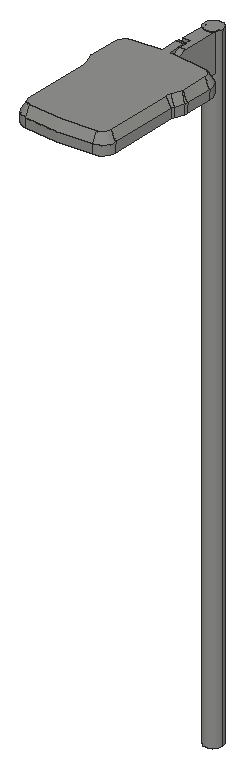
Revit family "VP-4-AA_U", category Lighting Fixtures, host Face, Revit 2019 (continued)
Definition of nested family "SIZE4-AAU"
  Forms (in)
    Extrusion 49, solid, material <- "Glass"
      sketch origin (0.375, 0, -11.375) x (1, 0, 0) y (0, 0, 1)
        loop
          circle (-5.4033, 32.33694) r 0.15
        loop
          circle (-4.88455, 32.33694) r 0.15
        loop
          circle (-4.3658, 32.33694) r 0.15
        loop
          circle (-3.84705, 32.33694) r 0.15
        loop
          circle (-3.32831, 32.33694) r 0.15
        loop
          circle (-7.47829, 31.83694) r 0.15
        loop
          circle (-6.95955, 31.83694) r 0.15
        loop
          circle (-6.4408, 31.83694) r 0.15
        loop
          circle (-5.92205, 31.83694) r 0.15
        loop
          circle (-5.4033, 31.83694) r 0.15
        loop
          circle (-4.88455, 31.83694) r 0.15
        loop
          circle (-4.3658, 31.83694) r 0.15
        loop
          circle (-3.84705, 31.83694) r 0.15
        loop
          circle (-3.32831, 31.83694) r 0.15
        loop
          circle (-7.47829, 31.33694) r 0.15
        loop
          circle (-6.95955, 31.33694) r 0.15
        loop
          circle (-6.4408, 31.33694) r 0.15
        loop
          circle (-5.92205, 31.33694) r 0.15
        loop
          circle (-5.4033, 31.33694) r 0.15
        loop
          circle (-4.88455, 31.33694) r 0.15
        loop
          circle (-4.3658, 31.33694) r 0.15
        loop
          circle (-3.84705, 31.33694) r 0.15
        loop
          circle (-3.32831, 31.33694) r 0.15
        loop
          circle (-7.47829, 30.83694) r 0.15
        loop
          circle (-6.95955, 30.83694) r 0.15
        loop
          circle (-6.4408, 30.83694) r 0.15
        loop
          circle (-5.92205, 30.83694) r 0.15
        loop
          circle (-5.4033, 30.83694) r 0.15
        loop
          circle (-4.88455, 30.83694) r 0.15
        loop
          circle (-4.3658, 30.83694) r 0.15
        loop
          circle (-3.84705, 30.83694) r 0.15
        loop
          circle (-3.32831, 30.83694) r 0.15
        loop
          circle (-7.47829, 30.33694) r 0.15
        loop
          circle (-6.95955, 30.33694) r 0.15
        loop
          circle (-6.4408, 30.33694) r 0.15
        loop
          circle (-5.92205, 30.33694) r 0.15
        loop
          circle (-5.4033, 30.33694) r 0.15
        loop
          circle (-4.88455, 30.33694) r 0.15
        loop
          circle (-4.3658, 30.33694) r 0.15
        loop
          circle (-3.84705, 30.33694) r 0.15
        loop
          circle (-3.32831, 30.33694) r 0.15
        loop
          circle (-7.47829, 29.83694) r 0.15
        loop
          circle (-6.95955, 29.83694) r 0.15
        loop
          circle (-6.4408, 29.83694) r 0.15
        loop
          circle (-5.92205, 29.83694) r 0.15
        loop
          circle (-5.4033, 29.83694) r 0.15
        loop
          circle (-4.88455, 29.83694) r 0.15
        loop
          circle (-4.3658, 29.83694) r 0.15
        loop
          circle (-3.84705, 29.83694) r 0.15
        loop
          circle (-3.32831, 29.83694) r 0.15
        loop
          circle (-7.47829, 29.33694) r 0.15
        loop
          circle (-6.95955, 29.33694) r 0.15
        loop
          circle (-6.4408, 29.33694) r 0.15
        loop
          circle (-5.92205, 29.33694) r 0.15
        loop
          circle (-5.4033, 29.33694) r 0.15
        loop
          circle (-4.88455, 29.33694) r 0.15
        loop
          circle (-4.3658, 29.33694) r 0.15
        loop
          circle (-3.84705, 29.33694) r 0.15
        loop
          circle (-3.32831, 29.33694) r 0.15
        loop
          circle (-7.47829, 28.83694) r 0.15
        loop
          circle (-6.95955, 28.83694) r 0.15
        loop
          circle (-6.4408, 28.83694) r 0.15
        loop
          circle (-5.92205, 28.83694) r 0.15
        loop
          circle (-5.4033, 28.83694) r 0.15
        loop
          circle (-4.88455, 28.83694) r 0.15
        loop
          circle (-4.3658, 28.83694) r 0.15
        loop
          circle (-3.84705, 28.83694) r 0.15
        loop
          circle (-3.32831, 28.83694) r 0.15
        loop
          circle (-7.47829, 28.33694) r 0.15
        loop
          circle (-6.95955, 28.33694) r 0.15
        loop
          circle (-6.4408, 28.33694) r 0.15
        loop
          circle (-5.92205, 28.33694) r 0.15
        loop
          circle (-5.4033, 28.33694) r 0.15
        loop
          circle (-4.88455, 28.33694) r 0.15
        loop
          circle (-4.3658, 28.33694) r 0.15
        loop
          circle (-3.84705, 28.33694) r 0.15
        loop
          circle (-3.32831, 28.33694) r 0.15
      from 1.35 to 1.4
    Extrusion 50, solid, material <- "Glass"
      sketch origin (0, 0, -11.375) x (1, 0, 0) y (0, 0, 1)
        loop
          arc (-7.16655, 32.8409) -> (-7.34333, 32.76768) -> (-7.41655, 32.5909) r 0.25
          line (-7.41655, 32.5909) -> (-7.41655, 28.0909)
          arc (-7.41655, 28.0909) -> (-7.34333, 27.91412) -> (-7.16655, 27.8409) r 0.25
          line (-7.16655, 27.8409) -> (-2.81123, 27.8409)
          arc (-2.81123, 27.8409) -> (-2.63446, 27.91412) -> (-2.56123, 28.0909) r 0.25
          line (-2.56123, 28.0909) -> (-2.56123, 32.5909)
          arc (-2.56123, 32.5909) -> (-2.63446, 32.76768) -> (-2.81123, 32.8409) r 0.25
          line (-2.81123, 32.8409) -> (-7.16655, 32.8409)
      from 1.35 to 1.37213
    Extrusion 51, solid, material <- "Glass"
      sketch origin (-0.375, 0, -11.375) x (-1, 0, 0) y (0, 0, -1)
        loop
          circle (-7.47829, -32.33694) r 0.15
        loop
          circle (-6.95955, -32.33694) r 0.15
        loop
          circle (-6.4408, -32.33694) r 0.15
        loop
          circle (-5.92205, -32.33694) r 0.15
        loop
          circle (-5.4033, -32.33694) r 0.15
        loop
          circle (-4.88455, -32.33694) r 0.15
        loop
          circle (-4.3658, -32.33694) r 0.15
        loop
          circle (-3.84705, -32.33694) r 0.15
        loop
          circle (-3.32831, -32.33694) r 0.15
        loop
          circle (-7.47829, -31.83694) r 0.15
        loop
          circle (-6.95955, -31.83694) r 0.15
        loop
          circle (-6.4408, -31.83694) r 0.15
        loop
          circle (-5.92205, -31.83694) r 0.15
        loop
          circle (-5.4033, -31.83694) r 0.15
        loop
          circle (-4.88455, -31.83694) r 0.15
        loop
          circle (-4.3658, -31.83694) r 0.15
        loop
          circle (-3.84705, -31.83694) r 0.15
        loop
          circle (-3.32831, -31.83694) r 0.15
        loop
          circle (-7.47829, -31.33694) r 0.15
        loop
          circle (-6.95955, -31.33694) r 0.15
        loop
          circle (-6.4408, -31.33694) r 0.15
        loop
          circle (-5.92205, -31.33694) r 0.15
        loop
          circle (-5.4033, -31.33694) r 0.15
        loop
          circle (-4.88455, -31.33694) r 0.15
        loop
          circle (-4.3658, -31.33694) r 0.15
        loop
          circle (-3.84705, -31.33694) r 0.15
        loop
          circle (-3.32831, -31.33694) r 0.15
        loop
          circle (-7.47829, -30.83694) r 0.15
        loop
          circle (-6.95955, -30.83694) r 0.15
        loop
          circle (-6.4408, -30.83694) r 0.15
        loop
          circle (-5.92205, -30.83694) r 0.15
        loop
          circle (-5.4033, -30.83694) r 0.15
        loop
          circle (-4.88455, -30.83694) r 0.15
        loop
          circle (-4.3658, -30.83694) r 0.15
        loop
          circle (-3.84705, -30.83694) r 0.15
        loop
          circle (-3.32831, -30.83694) r 0.15
        loop
          circle (-7.47829, -30.33694) r 0.15
        loop
          circle (-6.95955, -30.33694) r 0.15
        loop
          circle (-6.4408, -30.33694) r 0.15
        loop
          circle (-5.92205, -30.33694) r 0.15
        loop
          circle (-5.4033, -30.33694) r 0.15
        loop
          circle (-4.88455, -30.33694) r 0.15
        loop
          circle (-4.3658, -30.33694) r 0.15
        loop
          circle (-3.84705, -30.33694) r 0.15
        loop
          circle (-3.32831, -30.33694) r 0.15
        loop
          circle (-7.47829, -29.83694) r 0.15
        loop
          circle (-6.95955, -29.83694) r 0.15
        loop
          circle (-6.4408, -29.83694) r 0.15
        loop
          circle (-5.92205, -29.83694) r 0.15
        loop
          circle (-5.4033, -29.83694) r 0.15
        loop
          circle (-4.88455, -29.83694) r 0.15
        loop
          circle (-4.3658, -29.83694) r 0.15
        loop
          circle (-3.84705, -29.83694) r 0.15
        loop
          circle (-3.32831, -29.83694) r 0.15
        loop
          circle (-7.47829, -29.33694) r 0.15
        loop
          circle (-6.95955, -29.33694) r 0.15
        loop
          circle (-6.4408, -29.33694) r 0.15
        loop
          circle (-5.92205, -29.33694) r 0.15
        loop
          circle (-5.4033, -29.33694) r 0.15
        loop
          circle (-4.88455, -29.33694) r 0.15
        loop
          circle (-4.3658, -29.33694) r 0.15
        loop
          circle (-3.84705, -29.33694) r 0.15
        loop
          circle (-3.32831, -29.33694) r 0.15
        loop
          circle (-7.47829, -28.83694) r 0.15
        loop
          circle (-6.95955, -28.83694) r 0.15
        loop
          circle (-6.4408, -28.83694) r 0.15
        loop
          circle (-5.92205, -28.83694) r 0.15
        loop
          circle (-5.4033, -28.83694) r 0.15
        loop
          circle (-4.88455, -28.83694) r 0.15
        loop
          circle (-4.3658, -28.83694) r 0.15
        loop
          circle (-3.84705, -28.83694) r 0.15
        loop
          circle (-3.32831, -28.83694) r 0.15
        loop
          circle (-7.47829, -28.33694) r 0.15
        loop
          circle (-6.95955, -28.33694) r 0.15
        loop
          circle (-6.4408, -28.33694) r 0.15
        loop
          circle (-5.92205, -28.33694) r 0.15
        loop
          circle (-5.4033, -28.33694) r 0.15
        loop
          circle (-4.88455, -28.33694) r 0.15
        loop
          circle (-4.3658, -28.33694) r 0.15
        loop
          circle (-3.84705, -28.33694) r 0.15
        loop
          circle (-3.32831, -28.33694) r 0.15
      from 1.35 to 1.4
    Extrusion 52, solid, material <- "Glass"
      sketch origin (0, 0, -11.375) x (-1, 0, 0) y (0, 0, -1)
        loop
          line (-7.16655, -32.8409) -> (-2.84181, -32.8409)
          arc (-2.84181, -32.8409) -> (-2.66504, -32.76768) -> (-2.59181, -32.5909) r 0.25
          line (-2.59181, -32.5909) -> (-2.59181, -28.0909)
          arc (-2.59181, -28.0909) -> (-2.66504, -27.91412) -> (-2.84181, -27.8409) r 0.25
          line (-2.84181, -27.8409) -> (-7.16655, -27.8409)
          arc (-7.16655, -27.8409) -> (-7.34333, -27.91412) -> (-7.41655, -28.0909) r 0.25
          line (-7.41655, -28.0909) -> (-7.41655, -32.5909)
          arc (-7.41655, -32.5909) -> (-7.34333, -32.76768) -> (-7.16655, -32.8409) r 0.25
      from 1.35 to 1.37213
    Extrusion 53, solid, material <- "Glass"
      sketch origin (-5.375, 0, -11.375) x (-1, 0, 0) y (0, 0, -1)
        loop
          circle (-7.47829, -32.33694) r 0.15
        loop
          circle (-6.95955, -32.33694) r 0.15
        loop
          circle (-6.4408, -32.33694) r 0.15
        loop
          circle (-5.92205, -32.33694) r 0.15
        loop
          circle (-5.4033, -32.33694) r 0.15
        loop
          circle (-4.88455, -32.33694) r 0.15
        loop
          circle (-4.3658, -32.33694) r 0.15
        loop
          circle (-3.84705, -32.33694) r 0.15
        loop
          circle (-3.32831, -32.33694) r 0.15
        loop
          circle (-7.47829, -31.83694) r 0.15
        loop
          circle (-6.95955, -31.83694) r 0.15
        loop
          circle (-6.4408, -31.83694) r 0.15
        loop
          circle (-5.92205, -31.83694) r 0.15
        loop
          circle (-5.4033, -31.83694) r 0.15
        loop
          circle (-4.88455, -31.83694) r 0.15
        loop
          circle (-4.3658, -31.83694) r 0.15
        loop
          circle (-3.84705, -31.83694) r 0.15
        loop
          circle (-3.32831, -31.83694) r 0.15
        loop
          circle (-7.47829, -31.33694) r 0.15
        loop
          circle (-6.95955, -31.33694) r 0.15
        loop
          circle (-6.4408, -31.33694) r 0.15
        loop
          circle (-5.92205, -31.33694) r 0.15
        loop
          circle (-5.4033, -31.33694) r 0.15
        loop
          circle (-4.88455, -31.33694) r 0.15
        loop
          circle (-4.3658, -31.33694) r 0.15
        loop
          circle (-3.84705, -31.33694) r 0.15
        loop
          circle (-3.32831, -31.33694) r 0.15
        loop
          circle (-7.47829, -30.83694) r 0.15
        loop
          circle (-6.95955, -30.83694) r 0.15
        loop
          circle (-6.4408, -30.83694) r 0.15
        loop
          circle (-5.92205, -30.83694) r 0.15
        loop
          circle (-5.4033, -30.83694) r 0.15
        loop
          circle (-4.88455, -30.83694) r 0.15
        loop
          circle (-4.3658, -30.83694) r 0.15
        loop
          circle (-3.84705, -30.83694) r 0.15
        loop
          circle (-3.32831, -30.83694) r 0.15
        loop
          circle (-7.47829, -30.33694) r 0.15
        loop
          circle (-6.95955, -30.33694) r 0.15
        loop
          circle (-6.4408, -30.33694) r 0.15
        loop
          circle (-5.92205, -30.33694) r 0.15
        loop
          circle (-5.4033, -30.33694) r 0.15
        loop
          circle (-4.88455, -30.33694) r 0.15
        loop
          circle (-4.3658, -30.33694) r 0.15
        loop
          circle (-3.84705, -30.33694) r 0.15
        loop
          circle (-3.32831, -30.33694) r 0.15
        loop
          circle (-7.47829, -29.83694) r 0.15
        loop
          circle (-6.95955, -29.83694) r 0.15
        loop
          circle (-6.4408, -29.83694) r 0.15
        loop
          circle (-5.92205, -29.83694) r 0.15
        loop
          circle (-5.4033, -29.83694) r 0.15
        loop
          circle (-4.88455, -29.83694) r 0.15
        loop
          circle (-4.3658, -29.83694) r 0.15
        loop
          circle (-3.84705, -29.83694) r 0.15
        loop
          circle (-3.32831, -29.83694) r 0.15
        loop
          circle (-7.47829, -29.33694) r 0.15
        loop
          circle (-6.95955, -29.33694) r 0.15
        loop
          circle (-6.4408, -29.33694) r 0.15
        loop
          circle (-5.92205, -29.33694) r 0.15
        loop
          circle (-5.4033, -29.33694) r 0.15
        loop
          circle (-4.88455, -29.33694) r 0.15
        loop
          circle (-4.3658, -29.33694) r 0.15
        loop
          circle (-3.84705, -29.33694) r 0.15
        loop
          circle (-3.32831, -29.33694) r 0.15
        loop
          circle (-7.47829, -28.83694) r 0.15
        loop
          circle (-6.95955, -28.83694) r 0.15
        loop
          circle (-6.4408, -28.83694) r 0.15
        loop
          circle (-5.92205, -28.83694) r 0.15
        loop
          circle (-5.4033, -28.83694) r 0.15
        loop
          circle (-4.88455, -28.83694) r 0.15
        loop
          circle (-4.3658, -28.83694) r 0.15
        loop
          circle (-3.84705, -28.83694) r 0.15
        loop
          circle (-3.32831, -28.83694) r 0.15
        loop
          circle (-7.47829, -28.33694) r 0.15
        loop
          circle (-6.95955, -28.33694) r 0.15
        loop
          circle (-6.4408, -28.33694) r 0.15
        loop
          circle (-5.92205, -28.33694) r 0.15
        loop
          circle (-5.4033, -28.33694) r 0.15
        loop
          circle (-4.88455, -28.33694) r 0.15
        loop
          circle (-4.3658, -28.33694) r 0.15
        loop
          circle (-3.84705, -28.33694) r 0.15
        loop
          circle (-3.32831, -28.33694) r 0.15
      from 1.35 to 1.4
    Extrusion 54, solid, material <- "Glass"
      sketch origin (-5, 0, -11.375) x (-1, 0, 0) y (0, 0, -1)
        loop
          line (-7.16655, -32.8409) -> (-2.84181, -32.8409)
          arc (-2.84181, -32.8409) -> (-2.66504, -32.76768) -> (-2.59181, -32.5909) r 0.25
          line (-2.59181, -32.5909) -> (-2.59181, -28.0909)
          arc (-2.59181, -28.0909) -> (-2.66504, -27.91412) -> (-2.84181, -27.8409) r 0.25
          line (-2.84181, -27.8409) -> (-7.16655, -27.8409)
          arc (-7.16655, -27.8409) -> (-7.34333, -27.91412) -> (-7.41655, -28.0909) r 0.25
          line (-7.41655, -28.0909) -> (-7.41655, -32.5909)
          arc (-7.41655, -32.5909) -> (-7.34333, -32.76768) -> (-7.16655, -32.8409) r 0.25
      from 1.35 to 1.37213
    Extrusion 55, solid, material <- "Fixture"
      sketch origin (0.125, 0, 2.5) x (1, 0, 0) y (0, 0, 1)
        loop
          arc (8.61601, 29.87811) -> (7.91353, 31.61742) -> (6.20018, 32.38102) r 2.50448
          arc (6.20018, 32.38102) -> (-0.18326, 32.81078) -> (-6.56625, 32.37421) r 47.24839
          arc (-6.56625, 32.37421) -> (-8.20342, 31.57512) -> (-8.86601, 29.87811) r 2.50448
          line (-8.86601, 29.87811) -> (-8.86601, 16.83541)
          arc (-8.86601, 16.83541) -> (-8.89448, 16.52871) -> (-8.97892, 16.2325) r 1.66606
          line (-8.97892, 16.2325) -> (-9.6766, 14.43524)
          arc (-9.6766, 14.43524) -> (-9.74427, 14.21755) -> (-9.78142, 13.99263) r 1.65645
          line (-9.78142, 13.99263) -> (-9.78142, 8.65741)
          arc (-9.78142, 8.65741) -> (-8.97209, 6.60779) -> (-6.98078, 5.66404) r 3
          arc (-6.98078, 5.66404) -> (0.01001, 4.99965) -> (7.00057, 5.66642) r 37.04471
          arc (7.00057, 5.66642) -> (8.81758, 6.67941) -> (9.53886, 8.63067) r 3
          line (9.53886, 8.63067) -> (9.53886, 13.83581)
          arc (9.53886, 13.83581) -> (9.51055, 14.14073) -> (9.4266, 14.43524) r 1.65645
          line (9.4266, 14.43524) -> (8.72892, 16.2325)
          arc (8.72892, 16.2325) -> (8.64448, 16.52871) -> (8.61601, 16.83541) r 1.66606
          line (8.61601, 16.83541) -> (8.61601, 29.87811)
      from 0 to 1.74
    Blend 56, solid, material <- "Fixture"
      base sketch origin (0, 0, 0) x (1, 0, 0) y (0, 0, 1)
        loop
          arc (-9.5516, 16.93524) -> (-9.61927, 16.71755) -> (-9.65642, 16.49263) r 1.65645
          line (-9.65642, 16.49263) -> (-9.65642, 11.15741)
          arc (-9.65642, 11.15741) -> (-8.84709, 9.10779) -> (-6.85578, 8.16404) r 3
          arc (-6.85578, 8.16404) -> (0.13501, 7.49965) -> (7.12557, 8.16642) r 37.04471
          arc (7.12557, 8.16642) -> (8.94258, 9.17941) -> (9.66386, 11.13067) r 3
          line (9.66386, 11.13067) -> (9.66386, 16.33581)
          arc (9.66386, 16.33581) -> (9.63555, 16.64073) -> (9.5516, 16.93524) r 1.65645
          line (9.5516, 16.93524) -> (8.85392, 18.7325)
          arc (8.85392, 18.7325) -> (8.76948, 19.02871) -> (8.74101, 19.33541) r 1.66606
          line (8.74101, 19.33541) -> (8.74101, 32.37811)
          arc (8.74101, 32.37811) -> (8.03853, 34.11742) -> (6.32518, 34.88102) r 2.50448
          arc (6.32518, 34.88102) -> (-0.05826, 35.31078) -> (-6.44125, 34.87421) r 47.24839
          arc (-6.44125, 34.87421) -> (-8.07842, 34.07512) -> (-8.74101, 32.37811) r 2.50448
          line (-8.74101, 32.37811) -> (-8.74101, 19.33541)
          arc (-8.74101, 19.33541) -> (-8.76948, 19.02871) -> (-8.85392, 18.7325) r 1.66606
          line (-8.85392, 18.7325) -> (-9.5516, 16.93524)
      top sketch origin (0, 0, 0) x (1, 0, 0) y (0, 0, 1)
        loop
          line (-8.65642, 16.43436) -> (-8.65642, 11.15741)
          arc (-8.65642, 11.15741) -> (-8.09764, 9.77073) -> (-6.73353, 9.1589) r 2
          arc (-6.73353, 9.1589) -> (0.1108, 8.49965) -> (6.95577, 9.15209) r 36.04471
          arc (6.95577, 9.15209) -> (8.17777, 9.82373) -> (8.66386, 11.13067) r 2
          line (8.66386, 11.13067) -> (8.66386, 16.33581)
          arc (8.66386, 16.33581) -> (8.65264, 16.45665) -> (8.61937, 16.57336) r 0.65645
          line (8.61937, 16.57336) -> (7.9217, 18.37062)
          arc (7.9217, 18.37062) -> (7.78657, 18.84463) -> (7.74101, 19.33541) r 2.66606
          line (7.74101, 19.33541) -> (7.74101, 32.37811)
          arc (7.74101, 32.37811) -> (7.3037, 33.43858) -> (6.246, 33.88256) r 1.50448
          arc (6.246, 33.88256) -> (-0.04498, 34.31079) -> (-6.33575, 33.87932) r 46.24839
          arc (-6.33575, 33.87932) -> (-7.33487, 33.40626) -> (-7.74101, 32.37811) r 1.50448
          line (-7.74101, 32.37811) -> (-7.74101, 19.33541)
          arc (-7.74101, 19.33541) -> (-7.78657, 18.84463) -> (-7.9217, 18.37062) r 2.66606
          line (-7.9217, 18.37062) -> (-8.61937, 16.57336)
          arc (-8.61937, 16.57336) -> (-8.64172, 16.50488) -> (-8.65642, 16.43436) r 0.65645
      from 0 to -1.74
    Extrusion 57, solid, material <- "Fixture"
      sketch origin (0, 0, 0) x (0, 1, 0) y (0, 0, 1)
        loop
          line (1.74, -1.406) -> (1.74, 6.43918)
          arc (1.74, 6.43918) -> (0, 8.17918) -> (-1.74, 6.43918) r 1.74
          line (-1.74, 6.43918) -> (-1.74, 3.90812) -> (-5.432, 1.12478) -> (-5.432, -1.406) -> (1.74, -1.406)
      from -1.24 to 1.24
    Extrusion 58, void
      sketch origin (0, 0, 0) x (1, 0, 0) y (0, 0, 1)
        loop
          line (-1.5, 8.3) -> (-1.5, 3.90812) -> (0, 3.90812) -> (0, 8.3) -> (-1.5, 8.3)
      from -1.84653 to 1.9488
    Extrusion 59, solid, material <- "Fixture"
      sketch origin (0, 0, 0) x (0, 1, 0) y (0, 0, 1)
        loop
          line (1.74, 8.81429) -> (-1.74, 8.81429) -> (-1.74, 5.31429)
          arc (-1.74, 5.31429) -> (0, 3.57429) -> (1.74, 5.31429) r 1.74
          line (1.74, 5.31429) -> (1.74, 8.81429)
      from -1.5 to 0
  Cuts and joins
    Extrusion 2, Extrusion 40 cuts Extrusion 55
    Extrusion 58 cuts Extrusion 57
    joined: Blend 56, Extrusion 59
  Dimensions and locks (in)
    equal spacing: plane 4, plane 3 "Center (Left/Right)", plane 5
    "Width": plane 4 to plane 5
    "Length": plane 7 to plane 6
    "Mount Length": plane 6 to plane 2
    aligned and locked: plane 2 to Extrusion 1
    aligned and locked: level to Extrusion 1
  Automatic sketch dimensions
    Extrusion 1 sketch curve to Extrusion 1 sketch curve = 96.00"  (x2)
    plane 5 to Extrusion 2 sketch curve = 1.40392"
    plane 3 "Center (Left/Right)" to Extrusion 2 sketch curve = 0.06506"
    Extrusion 2 sketch curve to plane 4 = 1.25"
    Extrusion 2 sketch curve to level = 39.4018"
    plane 6 to Extrusion 2 sketch curve = 7.65635"
    Extrusion 2 sketch curve to plane 7 = 2.31818"
    plane 5 to Extrusion 3 sketch curve = 2.15013"
    Extrusion 3 sketch curve to Extrusion 3 sketch curve = 0.35"  (x3)
    Extrusion 3 sketch curve to plane 4 = 2.50013"  (x2)
    Extrusion 3 sketch curve to plane 7 = 8.31818"
    Extrusion 3 sketch curve to plane 7 = 3.16818"
    plane 5 to Extrusion 4 sketch curve = 2.70671"
    Extrusion 4 sketch curve to Extrusion 4 sketch curve = 0.00"  (x61)
    Extrusion 4 sketch curve to Extrusion 4 sketch curve = 0.51875"  (x27)
    Extrusion 4 sketch curve to plane 7 = 7.51806"
    Extrusion 4 sketch curve to Extrusion 4 sketch curve = 0.50"  (x72)
    plane 5 to Extrusion 5 sketch curve = 2.39345"
    Extrusion 5 sketch curve to Extrusion 5 sketch curve = 0.25"  (x3)
    Extrusion 5 sketch curve to plane 3 "Center (Left/Right)" = 2.81123"  (x2)
    Extrusion 5 sketch curve to plane 7 = 8.0141"
    Extrusion 5 sketch curve to plane 7 = 3.2641"
    Extrusion 6 sketch curve to plane 4 = 2.12307"
    Extrusion 6 sketch curve to plane 8 = 0.46661"
    Extrusion 6 sketch curve to Extrusion 6 sketch curve = 0.02618"
    Extrusion 6 sketch curve to Extrusion 6 sketch curve = 0.1119"
    Extrusion 6 sketch curve to plane 8 = 0.03691"
    Extrusion 6 sketch curve to Extrusion 6 sketch curve = 0.36056"
    Extrusion 6 sketch curve to plane 8 = 0.00781"
    Extrusion 6 sketch curve to Extrusion 6 sketch curve = 0.06241"
    Extrusion 6 sketch curve to Extrusion 6 sketch curve = 0.42393"
    Extrusion 6 sketch curve to Extrusion 6 sketch curve = 0.73219"
    plane 4 to Extrusion 7 sketch curve = 2.70671"
    Extrusion 7 sketch curve to Extrusion 7 sketch curve = 0.00"  (x61)
    Extrusion 7 sketch curve to Extrusion 7 sketch curve = 0.51875"  (x27)
    plane 7 to Extrusion 7 sketch curve = 7.51806"
    Extrusion 7 sketch curve to Extrusion 7 sketch curve = 0.50"  (x72)
    plane 4 to Extrusion 8 sketch curve = 2.39345"
    Extrusion 8 sketch curve to Extrusion 8 sketch curve = 0.25"  (x3)
    Extrusion 8 sketch curve to plane 3 "Center (Left/Right)" = 2.84181"  (x2)
    plane 7 to Extrusion 8 sketch curve = 8.0141"
    plane 7 to Extrusion 8 sketch curve = 3.2641"
    plane 5 to Extrusion 9 sketch curve = 2.15013"
    Extrusion 9 sketch curve to Extrusion 9 sketch curve = 0.35"  (x3)
    Extrusion 9 sketch curve to plane 4 = 2.50013"  (x2)
    Extrusion 9 sketch curve to plane 7 = 13.81818"
    Extrusion 9 sketch curve to Extrusion 9 sketch curve = 4.80"
    Extrusion 10 sketch curve to plane 5 = 2.15013"
    Extrusion 10 sketch curve to Extrusion 10 sketch curve = 0.35"  (x3)
    plane 4 to Extrusion 10 sketch curve = 2.50013"  (x2)
    plane 7 to Extrusion 10 sketch curve = 13.81818"
    Extrusion 10 sketch curve to Extrusion 10 sketch curve = 4.80"
    Extrusion 11 sketch curve to plane 4 = 2.12307"
    Extrusion 11 sketch curve to plane 8 = 0.46661"
    Extrusion 11 sketch curve to Extrusion 11 sketch curve = 0.02618"
    Extrusion 11 sketch curve to Extrusion 11 sketch curve = 0.1119"
    Extrusion 11 sketch curve to plane 8 = 0.03691"
    Extrusion 11 sketch curve to Extrusion 11 sketch curve = 0.36056"
    Extrusion 11 sketch curve to plane 8 = 0.00781"
    Extrusion 11 sketch curve to Extrusion 11 sketch curve = 0.06241"
    Extrusion 11 sketch curve to Extrusion 11 sketch curve = 0.42393"
    Extrusion 11 sketch curve to Extrusion 11 sketch curve = 0.73219"
    Extrusion 12 sketch curve to plane 4 = 2.12307"
    Extrusion 12 sketch curve to plane 8 = 0.46661"
    Extrusion 12 sketch curve to Extrusion 12 sketch curve = 0.02618"
    Extrusion 12 sketch curve to Extrusion 12 sketch curve = 0.1119"
    Extrusion 12 sketch curve to plane 8 = 0.03691"
    Extrusion 12 sketch curve to Extrusion 12 sketch curve = 0.36056"
    Extrusion 12 sketch curve to plane 8 = 0.00781"
    Extrusion 12 sketch curve to Extrusion 12 sketch curve = 0.06241"
    Extrusion 12 sketch curve to Extrusion 12 sketch curve = 0.42393"
    Extrusion 12 sketch curve to Extrusion 12 sketch curve = 0.73219"
    Extrusion 13 sketch curve to plane 4 = 2.12307"
    Extrusion 13 sketch curve to plane 8 = 0.46661"
    Extrusion 13 sketch curve to Extrusion 13 sketch curve = 0.02618"
    Extrusion 13 sketch curve to Extrusion 13 sketch curve = 0.08572"
    Extrusion 13 sketch curve to plane 8 = 0.03691"
    Extrusion 13 sketch curve to Extrusion 13 sketch curve = 0.36056"
    Extrusion 13 sketch curve to plane 8 = 0.00781"
    Extrusion 13 sketch curve to Extrusion 13 sketch curve = 0.06241"
    Extrusion 13 sketch curve to Extrusion 13 sketch curve = 0.42393"
    Extrusion 13 sketch curve to Extrusion 13 sketch curve = 0.73219"
    Extrusion 14 sketch curve to plane 4 = 2.12307"
    Extrusion 14 sketch curve to plane 8 = 0.46661"
    Extrusion 14 sketch curve to Extrusion 14 sketch curve = 0.02618"
    Extrusion 14 sketch curve to Extrusion 14 sketch curve = 0.1119"
    Extrusion 14 sketch curve to plane 8 = 0.03691"
    Extrusion 14 sketch curve to Extrusion 14 sketch curve = 0.36056"
    Extrusion 14 sketch curve to plane 8 = 0.00781"
    Extrusion 14 sketch curve to Extrusion 14 sketch curve = 0.06241"
    Extrusion 14 sketch curve to Extrusion 14 sketch curve = 0.42393"
    Extrusion 14 sketch curve to Extrusion 14 sketch curve = 0.73219"
    Extrusion 15 sketch curve to plane 4 = 2.12307"
    Extrusion 15 sketch curve to plane 8 = 0.46661"
    Extrusion 15 sketch curve to Extrusion 15 sketch curve = 0.02618"
    Extrusion 15 sketch curve to Extrusion 15 sketch curve = 0.1119"
    Extrusion 15 sketch curve to plane 8 = 0.03691"
    Extrusion 15 sketch curve to Extrusion 15 sketch curve = 0.36056"
    Extrusion 15 sketch curve to plane 8 = 0.00781"
    Extrusion 15 sketch curve to Extrusion 15 sketch curve = 0.06241"
    Extrusion 15 sketch curve to Extrusion 15 sketch curve = 0.42393"
    Extrusion 15 sketch curve to Extrusion 15 sketch curve = 0.73219"
    Extrusion 16 sketch curve to plane 4 = 2.12307"
    Extrusion 16 sketch curve to plane 8 = 0.46661"
    Extrusion 16 sketch curve to Extrusion 16 sketch curve = 0.02618"
    Extrusion 16 sketch curve to Extrusion 16 sketch curve = 0.1119"
    Extrusion 16 sketch curve to plane 8 = 0.03691"
    Extrusion 16 sketch curve to Extrusion 16 sketch curve = 0.36056"
    Extrusion 16 sketch curve to plane 8 = 0.00781"
    Extrusion 16 sketch curve to Extrusion 16 sketch curve = 0.06241"
    Extrusion 16 sketch curve to Extrusion 16 sketch curve = 0.42393"
    Extrusion 16 sketch curve to Extrusion 16 sketch curve = 0.73219"
    Extrusion 17 sketch curve to plane 4 = 2.12307"
    Extrusion 17 sketch curve to plane 8 = 0.46661"
    Extrusion 17 sketch curve to Extrusion 17 sketch curve = 0.02618"
    Extrusion 17 sketch curve to Extrusion 17 sketch curve = 0.1119"
    Extrusion 17 sketch curve to plane 8 = 0.03691"
    Extrusion 17 sketch curve to Extrusion 17 sketch curve = 0.36056"
    Extrusion 17 sketch curve to plane 8 = 0.00781"
    Extrusion 17 sketch curve to Extrusion 17 sketch curve = 0.06241"
    Extrusion 17 sketch curve to Extrusion 17 sketch curve = 0.42393"
    Extrusion 17 sketch curve to Extrusion 17 sketch curve = 0.73219"
    Extrusion 18 sketch curve to plane 4 = 2.12307"
    Extrusion 18 sketch curve to plane 8 = 0.46661"
    Extrusion 18 sketch curve to Extrusion 18 sketch curve = 0.02618"
    Extrusion 18 sketch curve to Extrusion 18 sketch curve = 0.1119"
    Extrusion 18 sketch curve to plane 8 = 0.03691"
    Extrusion 18 sketch curve to Extrusion 18 sketch curve = 0.36056"
    Extrusion 18 sketch curve to plane 8 = 0.00781"
    Extrusion 18 sketch curve to Extrusion 18 sketch curve = 0.06241"
    Extrusion 18 sketch curve to Extrusion 18 sketch curve = 0.42393"
    Extrusion 18 sketch curve to Extrusion 18 sketch curve = 0.73219"
    Extrusion 19 sketch curve to plane 4 = 2.12307"
    Extrusion 19 sketch curve to plane 8 = 0.46661"
    Extrusion 19 sketch curve to Extrusion 19 sketch curve = 0.02618"
    Extrusion 19 sketch curve to Extrusion 19 sketch curve = 0.1119"
    Extrusion 19 sketch curve to plane 8 = 0.03691"
    Extrusion 19 sketch curve to Extrusion 19 sketch curve = 0.36056"
    Extrusion 19 sketch curve to plane 8 = 0.00781"
    Extrusion 19 sketch curve to Extrusion 19 sketch curve = 0.06241"
    Extrusion 19 sketch curve to Extrusion 19 sketch curve = 0.42393"
    Extrusion 19 sketch curve to Extrusion 19 sketch curve = 0.73219"
    Extrusion 20 sketch curve to plane 4 = 2.12307"
    Extrusion 20 sketch curve to plane 8 = 0.46661"
    Extrusion 20 sketch curve to Extrusion 20 sketch curve = 0.02618"
    Extrusion 20 sketch curve to Extrusion 20 sketch curve = 0.1119"
    Extrusion 20 sketch curve to plane 8 = 0.03691"
    Extrusion 20 sketch curve to Extrusion 20 sketch curve = 0.36056"
    Extrusion 20 sketch curve to plane 8 = 0.00781"
    Extrusion 20 sketch curve to Extrusion 20 sketch curve = 0.06241"
    Extrusion 20 sketch curve to Extrusion 20 sketch curve = 0.42393"
    Extrusion 20 sketch curve to Extrusion 20 sketch curve = 0.73219"
    Extrusion 21 sketch curve to plane 4 = 2.12307"
    Extrusion 21 sketch curve to plane 8 = 0.46661"
    Extrusion 21 sketch curve to Extrusion 21 sketch curve = 0.02618"
    Extrusion 21 sketch curve to Extrusion 21 sketch curve = 0.08572"
    Extrusion 21 sketch curve to plane 8 = 0.03691"
    Extrusion 21 sketch curve to Extrusion 21 sketch curve = 0.36056"
    Extrusion 21 sketch curve to plane 8 = 0.00781"
    Extrusion 21 sketch curve to Extrusion 21 sketch curve = 0.06241"
    Extrusion 21 sketch curve to Extrusion 21 sketch curve = 0.42393"
    Extrusion 21 sketch curve to Extrusion 21 sketch curve = 0.73219"
    Extrusion 22 sketch curve to plane 4 = 2.12307"
    Extrusion 22 sketch curve to plane 8 = 0.46661"
    Extrusion 22 sketch curve to Extrusion 22 sketch curve = 0.02618"
    Extrusion 22 sketch curve to Extrusion 22 sketch curve = 0.1119"
    Extrusion 22 sketch curve to plane 8 = 0.03691"
    Extrusion 22 sketch curve to Extrusion 22 sketch curve = 0.36056"
    Extrusion 22 sketch curve to plane 8 = 0.00781"
    Extrusion 22 sketch curve to Extrusion 22 sketch curve = 0.06241"
    Extrusion 22 sketch curve to Extrusion 22 sketch curve = 0.42393"
    Extrusion 22 sketch curve to Extrusion 22 sketch curve = 0.73219"
    Extrusion 23 sketch curve to plane 4 = 2.12307"
    Extrusion 23 sketch curve to plane 8 = 0.46661"
    Extrusion 23 sketch curve to Extrusion 23 sketch curve = 0.02618"
    Extrusion 23 sketch curve to Extrusion 23 sketch curve = 0.08572"
    Extrusion 23 sketch curve to plane 8 = 0.03691"
    Extrusion 23 sketch curve to Extrusion 23 sketch curve = 0.36056"
    Extrusion 23 sketch curve to plane 8 = 0.00781"
    Extrusion 23 sketch curve to Extrusion 23 sketch curve = 0.06241"
    Extrusion 23 sketch curve to Extrusion 23 sketch curve = 0.42393"
    Extrusion 23 sketch curve to Extrusion 23 sketch curve = 0.73219"
    Extrusion 24 sketch curve to plane 4 = 2.12307"
    Extrusion 24 sketch curve to plane 8 = 0.46661"
    Extrusion 24 sketch curve to Extrusion 24 sketch curve = 0.02618"
    Extrusion 24 sketch curve to Extrusion 24 sketch curve = 0.1119"
    Extrusion 24 sketch curve to plane 8 = 0.03691"
    Extrusion 24 sketch curve to Extrusion 24 sketch curve = 0.36056"
    Extrusion 24 sketch curve to plane 8 = 0.00781"
    Extrusion 24 sketch curve to Extrusion 24 sketch curve = 0.06241"
    Extrusion 24 sketch curve to Extrusion 24 sketch curve = 0.42393"
    Extrusion 24 sketch curve to Extrusion 24 sketch curve = 0.73219"
    plane 5 to Extrusion 25 sketch curve = 2.2012"
    Extrusion 25 sketch curve to plane 8 = 0.46661"
    Extrusion 25 sketch curve to Extrusion 25 sketch curve = 0.02618"
    Extrusion 25 sketch curve to Extrusion 25 sketch curve = 0.1119"
    Extrusion 25 sketch curve to plane 8 = 0.03691"
    Extrusion 25 sketch curve to Extrusion 25 sketch curve = 0.36056"
    Extrusion 25 sketch curve to plane 8 = 0.00781"
    Extrusion 25 sketch curve to Extrusion 25 sketch curve = 0.06241"
    Extrusion 25 sketch curve to Extrusion 25 sketch curve = 0.42393"
    Extrusion 25 sketch curve to Extrusion 25 sketch curve = 0.20146"
    plane 5 to Extrusion 26 sketch curve = 2.2012"
    Extrusion 26 sketch curve to plane 8 = 0.46661"
    Extrusion 26 sketch curve to Extrusion 26 sketch curve = 0.02618"
    Extrusion 26 sketch curve to Extrusion 26 sketch curve = 0.08572"
    Extrusion 26 sketch curve to plane 8 = 0.03691"
    Extrusion 26 sketch curve to Extrusion 26 sketch curve = 0.36056"
    Extrusion 26 sketch curve to plane 8 = 0.00781"
    Extrusion 26 sketch curve to Extrusion 26 sketch curve = 0.06241"
    Extrusion 26 sketch curve to Extrusion 26 sketch curve = 0.42393"
    Extrusion 26 sketch curve to Extrusion 26 sketch curve = 0.20146"
    plane 5 to Extrusion 27 sketch curve = 2.2012"
    Extrusion 27 sketch curve to plane 8 = 0.46661"
    Extrusion 27 sketch curve to Extrusion 27 sketch curve = 0.02618"
    Extrusion 27 sketch curve to Extrusion 27 sketch curve = 0.08572"
    Extrusion 27 sketch curve to plane 8 = 0.03691"
    Extrusion 27 sketch curve to Extrusion 27 sketch curve = 0.36056"
    Extrusion 27 sketch curve to plane 8 = 0.00781"
    Extrusion 27 sketch curve to Extrusion 27 sketch curve = 0.06241"
    Extrusion 27 sketch curve to Extrusion 27 sketch curve = 0.42393"
    Extrusion 27 sketch curve to Extrusion 27 sketch curve = 0.20146"
    plane 5 to Extrusion 28 sketch curve = 2.2012"
    Extrusion 28 sketch curve to plane 8 = 0.46661"
    Extrusion 28 sketch curve to Extrusion 28 sketch curve = 0.02618"
    Extrusion 28 sketch curve to Extrusion 28 sketch curve = 0.1119"
    Extrusion 28 sketch curve to plane 8 = 0.03691"
    Extrusion 28 sketch curve to Extrusion 28 sketch curve = 0.36056"
    Extrusion 28 sketch curve to plane 8 = 0.00781"
    Extrusion 28 sketch curve to Extrusion 28 sketch curve = 0.06241"
    Extrusion 28 sketch curve to Extrusion 28 sketch curve = 0.42393"
    Extrusion 28 sketch curve to Extrusion 28 sketch curve = 0.20146"
    plane 5 to Extrusion 29 sketch curve = 2.2012"
    Extrusion 29 sketch curve to plane 8 = 0.46661"
    Extrusion 29 sketch curve to Extrusion 29 sketch curve = 0.02618"
    Extrusion 29 sketch curve to Extrusion 29 sketch curve = 0.1119"
    Extrusion 29 sketch curve to plane 8 = 0.03691"
    Extrusion 29 sketch curve to Extrusion 29 sketch curve = 0.36056"
    Extrusion 29 sketch curve to plane 8 = 0.00781"
    Extrusion 29 sketch curve to Extrusion 29 sketch curve = 0.06241"
    Extrusion 29 sketch curve to Extrusion 29 sketch curve = 0.42393"
    Extrusion 29 sketch curve to Extrusion 29 sketch curve = 0.20146"
    plane 5 to Extrusion 30 sketch curve = 2.2012"
    Extrusion 30 sketch curve to plane 8 = 0.46661"
    Extrusion 30 sketch curve to Extrusion 30 sketch curve = 0.02618"
    Extrusion 30 sketch curve to Extrusion 30 sketch curve = 0.1119"
    Extrusion 30 sketch curve to plane 8 = 0.03691"
    Extrusion 30 sketch curve to Extrusion 30 sketch curve = 0.36056"
    Extrusion 30 sketch curve to plane 8 = 0.00781"
    Extrusion 30 sketch curve to Extrusion 30 sketch curve = 0.06241"
    Extrusion 30 sketch curve to Extrusion 30 sketch curve = 0.42393"
    Extrusion 30 sketch curve to Extrusion 30 sketch curve = 0.20146"
    plane 5 to Extrusion 31 sketch curve = 2.2012"
    Extrusion 31 sketch curve to plane 8 = 0.46661"
    Extrusion 31 sketch curve to Extrusion 31 sketch curve = 0.02618"
    Extrusion 31 sketch curve to Extrusion 31 sketch curve = 0.1119"
    Extrusion 31 sketch curve to plane 8 = 0.03691"
    Extrusion 31 sketch curve to Extrusion 31 sketch curve = 0.36056"
    Extrusion 31 sketch curve to plane 8 = 0.00781"
    Extrusion 31 sketch curve to Extrusion 31 sketch curve = 0.06241"
    Extrusion 31 sketch curve to Extrusion 31 sketch curve = 0.42393"
    Extrusion 31 sketch curve to Extrusion 31 sketch curve = 0.20146"
    plane 5 to Extrusion 32 sketch curve = 2.2012"
    Extrusion 32 sketch curve to plane 8 = 0.46661"
    Extrusion 32 sketch curve to Extrusion 32 sketch curve = 0.02618"
    Extrusion 32 sketch curve to Extrusion 32 sketch curve = 0.08572"
    Extrusion 32 sketch curve to plane 8 = 0.03691"
    Extrusion 32 sketch curve to Extrusion 32 sketch curve = 0.36056"
    Extrusion 32 sketch curve to plane 8 = 0.00781"
    Extrusion 32 sketch curve to Extrusion 32 sketch curve = 0.06241"
    Extrusion 32 sketch curve to Extrusion 32 sketch curve = 0.42393"
    Extrusion 32 sketch curve to Extrusion 32 sketch curve = 0.20146"
    plane 5 to Extrusion 33 sketch curve = 2.2012"
    Extrusion 33 sketch curve to plane 8 = 0.46661"
    Extrusion 33 sketch curve to Extrusion 33 sketch curve = 0.02618"
    Extrusion 33 sketch curve to Extrusion 33 sketch curve = 0.1119"
    Extrusion 33 sketch curve to plane 8 = 0.03691"
    Extrusion 33 sketch curve to Extrusion 33 sketch curve = 0.36056"
    Extrusion 33 sketch curve to plane 8 = 0.00781"
    Extrusion 33 sketch curve to Extrusion 33 sketch curve = 0.06241"
    Extrusion 33 sketch curve to Extrusion 33 sketch curve = 0.42393"
    Extrusion 33 sketch curve to Extrusion 33 sketch curve = 0.20146"
    plane 5 to Extrusion 34 sketch curve = 2.2012"
    Extrusion 34 sketch curve to plane 8 = 0.46661"
    Extrusion 34 sketch curve to Extrusion 34 sketch curve = 0.02618"
    Extrusion 34 sketch curve to Extrusion 34 sketch curve = 0.08572"
    Extrusion 34 sketch curve to plane 8 = 0.03691"
    Extrusion 34 sketch curve to Extrusion 34 sketch curve = 0.36056"
    Extrusion 34 sketch curve to plane 8 = 0.00781"
    Extrusion 34 sketch curve to Extrusion 34 sketch curve = 0.06241"
    Extrusion 34 sketch curve to Extrusion 34 sketch curve = 0.42393"
    Extrusion 34 sketch curve to Extrusion 34 sketch curve = 0.20146"
    plane 5 to Extrusion 35 sketch curve = 2.2012"
    Extrusion 35 sketch curve to plane 8 = 0.46661"
    Extrusion 35 sketch curve to Extrusion 35 sketch curve = 0.02618"
    Extrusion 35 sketch curve to Extrusion 35 sketch curve = 0.1119"
    Extrusion 35 sketch curve to plane 8 = 0.03691"
    Extrusion 35 sketch curve to Extrusion 35 sketch curve = 0.36056"
    Extrusion 35 sketch curve to plane 8 = 0.00781"
    Extrusion 35 sketch curve to Extrusion 35 sketch curve = 0.06241"
    Extrusion 35 sketch curve to Extrusion 35 sketch curve = 0.42393"
    Extrusion 35 sketch curve to Extrusion 35 sketch curve = 0.20146"
    plane 5 to Extrusion 36 sketch curve = 2.2012"
    Extrusion 36 sketch curve to plane 8 = 0.46661"
    Extrusion 36 sketch curve to Extrusion 36 sketch curve = 0.02618"
    Extrusion 36 sketch curve to Extrusion 36 sketch curve = 0.1119"
    Extrusion 36 sketch curve to plane 8 = 0.03691"
    Extrusion 36 sketch curve to Extrusion 36 sketch curve = 0.36056"
    Extrusion 36 sketch curve to plane 8 = 0.00781"
    Extrusion 36 sketch curve to Extrusion 36 sketch curve = 0.06241"
    Extrusion 36 sketch curve to Extrusion 36 sketch curve = 0.42393"
    Extrusion 36 sketch curve to Extrusion 36 sketch curve = 0.20146"
    plane 5 to Extrusion 37 sketch curve = 2.2012"
    Extrusion 37 sketch curve to plane 8 = 0.46661"
    Extrusion 37 sketch curve to Extrusion 37 sketch curve = 0.02618"
    Extrusion 37 sketch curve to Extrusion 37 sketch curve = 0.1119"
    Extrusion 37 sketch curve to plane 8 = 0.03691"
    Extrusion 37 sketch curve to Extrusion 37 sketch curve = 0.36056"
    Extrusion 37 sketch curve to plane 8 = 0.00781"
    Extrusion 37 sketch curve to Extrusion 37 sketch curve = 0.06241"
    Extrusion 37 sketch curve to Extrusion 37 sketch curve = 0.42393"
    Extrusion 37 sketch curve to Extrusion 37 sketch curve = 0.20146"
    plane 5 to Extrusion 38 sketch curve = 2.2012"
    Extrusion 38 sketch curve to plane 8 = 0.46661"
    Extrusion 38 sketch curve to Extrusion 38 sketch curve = 0.02618"
    Extrusion 38 sketch curve to Extrusion 38 sketch curve = 0.08572"
    Extrusion 38 sketch curve to plane 8 = 0.03691"
    Extrusion 38 sketch curve to Extrusion 38 sketch curve = 0.36056"
    Extrusion 38 sketch curve to plane 8 = 0.00781"
    Extrusion 38 sketch curve to Extrusion 38 sketch curve = 0.06241"
    Extrusion 38 sketch curve to Extrusion 38 sketch curve = 0.42393"
    Extrusion 38 sketch curve to Extrusion 38 sketch curve = 0.20146"
    plane 5 to Extrusion 39 sketch curve = 2.2012"
    Extrusion 39 sketch curve to plane 8 = 0.46661"
    Extrusion 39 sketch curve to Extrusion 39 sketch curve = 0.02618"
    Extrusion 39 sketch curve to Extrusion 39 sketch curve = 0.1119"
    Extrusion 39 sketch curve to plane 8 = 0.03691"
    Extrusion 39 sketch curve to Extrusion 39 sketch curve = 0.36056"
    Extrusion 39 sketch curve to plane 8 = 0.00781"
    Extrusion 39 sketch curve to Extrusion 39 sketch curve = 0.06241"
    Extrusion 39 sketch curve to Extrusion 39 sketch curve = 0.42393"
    Extrusion 39 sketch curve to Extrusion 39 sketch curve = 0.20146"
    plane 5 to Extrusion 40 sketch curve = 1.10793"
    plane 5 to Extrusion 40 sketch curve = 1.19965"
    Extrusion 40 sketch curve to Extrusion 40 sketch curve = 0.00"  (x2)
    Extrusion 40 sketch curve to plane 3 "Center (Left/Right)" = 0.00354"  (x6)
    Extrusion 40 sketch curve to plane 4 = 1.32465"
    Extrusion 40 sketch curve to plane 4 = 1.24"
    plane 6 to Extrusion 40 sketch curve = 3.30595"
    level to Extrusion 40 sketch curve = 10.85354"
    Extrusion 40 sketch curve to Extrusion 40 sketch curve = 0.27147"  (x2)
    Extrusion 40 sketch curve to Extrusion 40 sketch curve = 0.27118"  (x2)
    Extrusion 40 sketch curve to Extrusion 40 sketch curve = 0.47853"
    Extrusion 40 sketch curve to Extrusion 40 sketch curve = 0.47882"
    Extrusion 40 sketch curve to Extrusion 40 sketch curve = 1.01281"
    Extrusion 40 sketch curve to Extrusion 40 sketch curve = 1.01649"
    Extrusion 40 sketch curve to Extrusion 40 sketch curve = 1.00"  (x2)
    Extrusion 41 sketch curve to plane 3 "Center (Left/Right)" = 2.10329"
    Extrusion 41 sketch curve to Extrusion 41 sketch curve = 0.00"  (x51)
    Extrusion 41 sketch curve to Extrusion 41 sketch curve = 0.51875"  (x19)
    Extrusion 41 sketch curve to plane 3 "Center (Left/Right)" = 0.0283"  (x9)
    plane 3 "Center (Left/Right)" to Extrusion 41 sketch curve = 0.49045"  (x9)
    plane 7 to Extrusion 41 sketch curve = 7.51806"
    Extrusion 41 sketch curve to Extrusion 41 sketch curve = 0.50"  (x72)
    Extrusion 42 sketch curve to plane 3 "Center (Left/Right)" = 2.41655"
    Extrusion 42 sketch curve to Extrusion 42 sketch curve = 0.25"  (x3)
    plane 3 "Center (Left/Right)" to Extrusion 42 sketch curve = 2.15819"  (x2)
    plane 7 to Extrusion 42 sketch curve = 8.0141"
    plane 7 to Extrusion 42 sketch curve = 3.2641"
    plane 5 to Extrusion 43 sketch curve = 2.70671"
    Extrusion 43 sketch curve to Extrusion 43 sketch curve = 0.00"  (x61)
    Extrusion 43 sketch curve to Extrusion 43 sketch curve = 0.51875"  (x27)
    Extrusion 43 sketch curve to plane 7 = 13.01806"
    Extrusion 43 sketch curve to Extrusion 43 sketch curve = 0.50"  (x72)
    plane 5 to Extrusion 44 sketch curve = 2.39345"
    Extrusion 44 sketch curve to Extrusion 44 sketch curve = 0.25"  (x3)
    Extrusion 44 sketch curve to plane 3 "Center (Left/Right)" = 2.81123"  (x2)
    Extrusion 44 sketch curve to plane 7 = 13.5141"
    Extrusion 44 sketch curve to Extrusion 44 sketch curve = 4.50"
    plane 4 to Extrusion 45 sketch curve = 2.70671"
    Extrusion 45 sketch curve to Extrusion 45 sketch curve = 0.00"  (x61)
    Extrusion 45 sketch curve to Extrusion 45 sketch curve = 0.51875"  (x27)
    plane 7 to Extrusion 45 sketch curve = 13.01806"
    Extrusion 45 sketch curve to Extrusion 45 sketch curve = 0.50"  (x72)
    plane 4 to Extrusion 46 sketch curve = 2.39345"
    Extrusion 46 sketch curve to Extrusion 46 sketch curve = 0.25"  (x3)
    Extrusion 46 sketch curve to plane 3 "Center (Left/Right)" = 2.84181"  (x2)
    plane 7 to Extrusion 46 sketch curve = 13.5141"
    Extrusion 46 sketch curve to Extrusion 46 sketch curve = 4.50"
    Extrusion 47 sketch curve to plane 3 "Center (Left/Right)" = 2.10329"
    Extrusion 47 sketch curve to Extrusion 47 sketch curve = 0.00"  (x51)
    Extrusion 47 sketch curve to Extrusion 47 sketch curve = 0.51875"  (x19)
    Extrusion 47 sketch curve to plane 3 "Center (Left/Right)" = 0.0283"  (x9)
    plane 3 "Center (Left/Right)" to Extrusion 47 sketch curve = 0.49045"  (x9)
    plane 7 to Extrusion 47 sketch curve = 13.01806"
    Extrusion 47 sketch curve to Extrusion 47 sketch curve = 0.50"  (x72)
    Extrusion 48 sketch curve to plane 3 "Center (Left/Right)" = 2.41655"
    Extrusion 48 sketch curve to Extrusion 48 sketch curve = 0.25"  (x3)
    plane 3 "Center (Left/Right)" to Extrusion 48 sketch curve = 2.15819"  (x2)
    plane 7 to Extrusion 48 sketch curve = 13.5141"
    Extrusion 48 sketch curve to Extrusion 48 sketch curve = 4.50"
    plane 5 to Extrusion 49 sketch curve = 2.70671"
    Extrusion 49 sketch curve to Extrusion 49 sketch curve = 0.00"  (x61)
    Extrusion 49 sketch curve to Extrusion 49 sketch curve = 0.51875"  (x27)
    plane 6 to Extrusion 49 sketch curve = 9.46194"
    Extrusion 49 sketch curve to Extrusion 49 sketch curve = 0.50"  (x72)
    plane 5 to Extrusion 50 sketch curve = 2.39345"
    Extrusion 50 sketch curve to Extrusion 50 sketch curve = 0.25"  (x3)
    Extrusion 50 sketch curve to plane 3 "Center (Left/Right)" = 2.81123"  (x2)
    plane 6 to Extrusion 50 sketch curve = 8.9659"
    Extrusion 50 sketch curve to Extrusion 50 sketch curve = 4.50"
    plane 4 to Extrusion 51 sketch curve = 2.70671"
    Extrusion 51 sketch curve to Extrusion 51 sketch curve = 0.00"  (x61)
    Extrusion 51 sketch curve to Extrusion 51 sketch curve = 0.51875"  (x27)
    Extrusion 51 sketch curve to plane 6 = 9.46194"
    Extrusion 51 sketch curve to Extrusion 51 sketch curve = 0.50"  (x72)
    plane 4 to Extrusion 52 sketch curve = 2.39345"
    Extrusion 52 sketch curve to Extrusion 52 sketch curve = 0.25"  (x3)
    Extrusion 52 sketch curve to plane 3 "Center (Left/Right)" = 2.84181"  (x2)
    Extrusion 52 sketch curve to plane 6 = 8.9659"
    Extrusion 52 sketch curve to Extrusion 52 sketch curve = 4.50"
    Extrusion 53 sketch curve to plane 3 "Center (Left/Right)" = 2.10329"
    Extrusion 53 sketch curve to Extrusion 53 sketch curve = 0.00"  (x51)
    Extrusion 53 sketch curve to Extrusion 53 sketch curve = 0.51875"  (x19)
    Extrusion 53 sketch curve to plane 3 "Center (Left/Right)" = 0.0283"  (x9)
    plane 3 "Center (Left/Right)" to Extrusion 53 sketch curve = 0.49045"  (x9)
    Extrusion 53 sketch curve to plane 6 = 9.46194"
    Extrusion 53 sketch curve to Extrusion 53 sketch curve = 0.50"  (x72)
    Extrusion 54 sketch curve to plane 3 "Center (Left/Right)" = 2.41655"
    Extrusion 54 sketch curve to Extrusion 54 sketch curve = 0.25"  (x3)
    plane 3 "Center (Left/Right)" to Extrusion 54 sketch curve = 2.15819"  (x2)
    Extrusion 54 sketch curve to plane 6 = 8.9659"
    Extrusion 54 sketch curve to Extrusion 54 sketch curve = 4.50"
    Extrusion 55 sketch curve to plane 5 = 0.59706"
    plane 5 to Extrusion 55 sketch curve = 0.2584"
    plane 5 to Extrusion 55 sketch curve = 0.95608"
    plane 5 to Extrusion 55 sketch curve = 1.06899"
    Extrusion 55 sketch curve to Extrusion 55 sketch curve = 1.54418"
    plane 5 to Extrusion 55 sketch curve = 3.15358"
    Extrusion 55 sketch curve to Extrusion 55 sketch curve = 2.50448"
    Extrusion 55 sketch curve to plane 3 "Center (Left/Right)" = 0.03305"
    plane 3 "Center (Left/Right)" to Extrusion 55 sketch curve = 0.12872"
    Extrusion 55 sketch curve to plane 4 = 3.57348"
    Extrusion 55 sketch curve to plane 4 = 3.14614"
    Extrusion 55 sketch curve to plane 4 = 1.80258"
    Extrusion 55 sketch curve to plane 4 = 1.06899"
    Extrusion 55 sketch curve to Extrusion 55 sketch curve = 0.11292"
    Extrusion 55 sketch curve to plane 4 = 0.2584"
    Extrusion 55 sketch curve to plane 4 = 0.14614"
    plane 4 to Extrusion 55 sketch curve = 0.59706"
    Extrusion 55 sketch curve to level = 11.9376"
    plane 6 to Extrusion 55 sketch curve = 3.63067"
    plane 6 to Extrusion 55 sketch curve = 3.65741"
    Extrusion 55 sketch curve to Extrusion 55 sketch curve = 5.17839"
    Extrusion 55 sketch curve to Extrusion 55 sketch curve = 5.20513"
    Extrusion 55 sketch curve to Extrusion 55 sketch curve = 0.44261"
    Extrusion 55 sketch curve to Extrusion 55 sketch curve = 1.79726"  (x2)
    Extrusion 55 sketch curve to plane 7 = 3.10189"
    Extrusion 55 sketch curve to Extrusion 55 sketch curve = 13.0427"
    plane 7 to Extrusion 55 sketch curve = 9.06436"
    plane 5 to Extrusion 55 sketch curve = 0.15358"
    plane 6 to Extrusion 55 sketch curve = 0.66404"
    Extrusion 55 sketch curve to plane 7 = 0.60579"
    Blend 56 sketch curve to plane 5 = 0.59706"  (x2)
    plane 5 to Blend 56 sketch curve = 0.15358"
    plane 5 to Blend 56 sketch curve = 0.2584"
    plane 5 to Blend 56 sketch curve = 0.95608"
    Blend 56 sketch curve to Blend 56 sketch curve = 0.11292"  (x2)
    Blend 56 sketch curve to Blend 56 sketch curve = 1.64901"
    Blend 56 sketch curve to Blend 56 sketch curve = 3.00"
    Blend 56 sketch curve to Blend 56 sketch curve = 2.50448"
    Blend 56 sketch curve to plane 3 "Center (Left/Right)" = 0.03305"  (x2)
    plane 3 "Center (Left/Right)" to Blend 56 sketch curve = 0.12872"  (x2)
    Blend 56 sketch curve to plane 4 = 3.57348"  (x2)
    Blend 56 sketch curve to plane 4 = 3.14614"  (x2)
    Blend 56 sketch curve to plane 4 = 1.80258"  (x2)
    Blend 56 sketch curve to plane 4 = 1.06899"
    Blend 56 sketch curve to plane 4 = 0.2584"
    Blend 56 sketch curve to plane 4 = 0.14614"
    plane 4 to Blend 56 sketch curve = 0.59706"  (x2)
    Blend 56 sketch curve to level = 11.9376"  (x2)
    plane 6 to Blend 56 sketch curve = 3.63067"  (x2)
    level to Blend 56 sketch curve = 11.15741"  (x2)
    Blend 56 sketch curve to Blend 56 sketch curve = 5.17839"  (x2)
    Blend 56 sketch curve to Blend 56 sketch curve = 5.20513"  (x2)
    Blend 56 sketch curve to Blend 56 sketch curve = 0.15682"
    Blend 56 sketch curve to Blend 56 sketch curve = 1.79726"  (x4)
    Blend 56 sketch curve to plane 7 = 3.10189"  (x2)
    Blend 56 sketch curve to Blend 56 sketch curve = 0.00"  (x2)
    plane 7 to Blend 56 sketch curve = 9.06436"  (x2)
    plane 6 to Blend 56 sketch curve = 0.66404"
    Blend 56 sketch curve to plane 7 = 0.60579"
    plane 5 to Blend 56 sketch curve = 1.15358"
    Blend 56 sketch curve to Blend 56 sketch curve = 0.03705"
    Blend 56 sketch curve to Blend 56 sketch curve = 0.64901"
    plane 5 to Blend 56 sketch curve = 1.8883"
    plane 5 to Blend 56 sketch curve = 2.06899"
    Blend 56 sketch curve to Blend 56 sketch curve = 2.00"
    Blend 56 sketch curve to Blend 56 sketch curve = 1.50448"
    Blend 56 sketch curve to plane 4 = 2.06899"
    Blend 56 sketch curve to Blend 56 sketch curve = 0.18069"
    Blend 56 sketch curve to Blend 56 sketch curve = 0.61196"
    Blend 56 sketch curve to plane 4 = 1.14614"
    Blend 56 sketch curve to Blend 56 sketch curve = 0.09855"
    Blend 56 sketch curve to Blend 56 sketch curve = 0.0771"
    Blend 56 sketch curve to Blend 56 sketch curve = 0.09922"
    Extrusion 57 sketch curve to plane 8 = 0.00"
    Extrusion 57 sketch curve to plane 1 "Center (Front/Back)" = 0.00"
    Extrusion 57 sketch curve to level = 1.406"
    plane 8 to Extrusion 57 sketch curve = 3.692"
    level to Extrusion 57 sketch curve = 1.12478"
    Extrusion 57 sketch curve to plane 6 = 3.59188"
    Extrusion 57 sketch curve to plane 6 = 1.06082"
    Extrusion 58 sketch curve to plane 3 "Center (Left/Right)" = 0.00"
    Extrusion 58 sketch curve to Extrusion 58 sketch curve = 1.50"
    Extrusion 58 sketch curve to plane 6 = 3.59188"
    plane 6 to Extrusion 58 sketch curve = 0.80"
    Extrusion 59 sketch curve to plane 8 = 0.00"
    Extrusion 59 sketch curve to plane 1 "Center (Front/Back)" = 0.00"
    Extrusion 59 sketch curve to plane 6 = 2.18571"
    plane 6 to Extrusion 59 sketch curve = 1.31429"
    radius of Extrusion 4 sketch curve = 0.15"  (x81)
    radius of Extrusion 7 sketch curve = 0.15"  (x81)
    radius of Extrusion 41 sketch curve = 0.15"  (x81)
    radius of Extrusion 43 sketch curve = 0.15"  (x81)
    radius of Extrusion 45 sketch curve = 0.15"  (x81)
    radius of Extrusion 47 sketch curve = 0.15"  (x81)
    radius of Extrusion 49 sketch curve = 0.15"  (x81)
    radius of Extrusion 51 sketch curve = 0.15"  (x81)
    radius of Extrusion 53 sketch curve = 0.15"  (x81)
Types (4): name | Product Page URL | Pole Radius | Mounting Block Size | Model | Pole Size
  (no name) | "https://www.currentlighting.com/outdoor-lighting/viper-area-size-4/9606406" | 1.75" | 2.50" | "VP-4-AA3U" | 3.50"
  VP-4-AA3U | "https://www.currentlighting.com/outdoor-lighting/viper-area-size-4/9606406" | 1.75" | 2.50" | "VP-4-AA3U" | 3.50"
  VP-4-AA4U | "https://www.currentlighting.com/outdoor-lighting/viper-area-size-3/9606405" | 2.09" | 3.18" | "VP-4-AA4U" | 4.18"
  VP-4-AA5U | "https://www.currentlighting.com/outdoor-lighting/viper-area-size-3/9606405" | 2.75" | 4.50" | "VP-4-AA5U" | 5.50"
